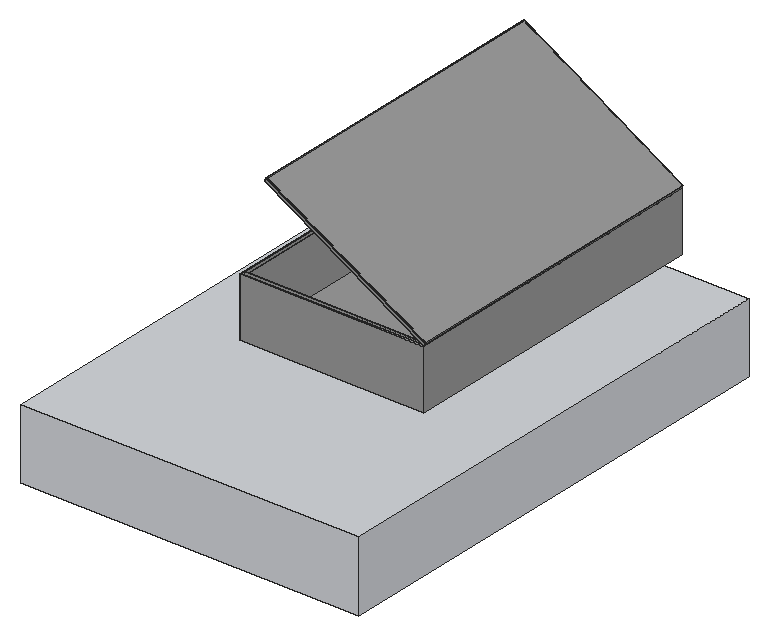
Revit family "Hager-Univers-IP55-D275-H1400-Cl.I-Steel_encl-PT-pt", category Equipement électrique, Revit 2020
Family settings
  Hôte = Face
  Configuration du panneau = Deux colonnes, circuits au sein
  Cote de connecteur circulaire = Utiliser le diamètre
  Type d'élément = Tableau de raccordement
  Couper avec des vides une fois chargée = Non
  Partagée = Non
  Point de calcul de pièce = Non
Parameters (values of type "Montagem em superfície (gesso) IP55 L800 A1400 P275  - FR93E")
  Width Control [instance] = if([EF000008 - Largura] > Min Width, [EF000008 - Largura], Min Width)  # 800 mm
  Commentaires du type = [HG000003 - Gama]  # "Univers"
  Thickness Door [instance] = if([EF009171 - Espessura do material da porta/tampa] > 3 mm, 3 mm, [EF009171 - Espessura do material da porta/tampa])  # 1.5 mm
  Seal Frame Offset [instance] = 17 mm  # constant formula
  Plinth Visibility [instance] = [HG000027 - Altura da Plinta] > 0 mm  # no
  Model = ""
  Min Width [instance] = 100 mm  # constant formula
  Min Height [instance] = 100 mm  # constant formula
  Min Depth [instance] = (2 * [EF009170 - Espessura do material do invólucro]) + 1 mm  # 4 mm
  Internal Frame Depth [instance] = (Door System Depth * 0.5)  # 9 mm
  Height Control [instance] = if([EF000040 - Altura] > Min Height, [EF000040 - Altura], Min Height)  # 1400 mm
  HG000027 - Altura da Plinta = 0 mm
  HG000026 - Instalação no chão = no
  HG000024 - Altura da secção inferior = 800 mm
  HG000023 - Recinto de secção dupla = no
  HG000016 - Visibilidade da porta 3D [instance] = yes
  HG000015 - Visibilidade através da porta [instance] = no
  HG000014 - Porta à direita [instance] = yes
  HG000013 - Porta à esquerda [instance] = not([HG000014 - Porta à direita])  # no
  HG000012 - Ângulo de abertura de porta [instance] = 30.00°
  HG000010 - Portas assimétricas = no
  HG000009 - Porta dupla = no
  HG000006 - Encastrado = no
  HG000004 - Referência do Fabricante = "FR93E"
  HG000003 - Gama = "Univers"
  HG000002 - Com porta ou tampa = yes
  Frame Offset Bottom [instance] = 10 mm  # constant formula
  Frame Offset [instance] = 15 mm  # constant formula
  EF015940 - Tampa com libertação de sobrepressão = no
  EF011959 - Grau de proteção (NEMA) = ""
  EF009554 - Número de aberturas para placas de flange = 6
  Fabricant = "Hager"  # constant formula
  EF009212 - Tipo de tampa = "EV000116 - Fechado"
  EF009171 - Espessura do material da porta/tampa = 1.5 mm
  EF009170 - Espessura do material do invólucro = 1.5 mm
  EF008873 - Corrente nominal (In) = 800 A
  EF007800 - Adequado para proteção contra raios = no
  EF006306 - Com fecho = no
  EF006244 - Tampa/porta transparente = no
  EF005474 - Grau de proteção (IP) = "EV006420 - IP55"
  EF004464 - Tipo de porta = "EV002646 - Único"
  EF004427 - Número de módulos = 324
  EF004293 - Força de impacto = "EV008784 - IK10"
  EF003532 - Adequado para uso no exterior = no
  EF002950 - Largura em número de módulos = 24
  EF001613 - Integridade do circuito = "EV000494 - Nenhum"
  EF001596 - Material do corpo = "EV000179 - Aço"
  EF001131 - Profundidade interior = 275 mm
  EF001088 - Extensão possível = yes
  EF000437 - Número de entradas de condutores = 6
  EF000339 - Tipo de difusor = "EV004216 - Porta"
  EF000266 - Número de linhas = 9
  EF000218 - Profundidade incorporada = 0 mm
  EF000118 - Com tampa de montagem = no
  EF000116 - Número RAL = "7035"
  EF000049 - Profundidade = 275 mm
  EF000040 - Altura = 1400 mm
  EF000008 - Largura = 800 mm
  EF000007 - Cor = "EV000270 - Cinzento"
  EF000003 - Método de montagem = "EV000384 - Montagem em superfície (gesso)"
  Door System Leaf Tolerance [instance] = 1.5 mm  # constant formula
  Door System Depth [instance] = 18 mm  # constant formula
  Door Height [instance] = Height Control - [HG000027 - Altura da Plinta]  # 1400 mm
  Depth Control [instance] = if([EF000049 - Profundidade] > Min Depth, [EF000049 - Profundidade], Min Depth)  # 275 mm
  Default Elevation = 0 mm
  Connector Offset [instance] = Height Control / 2  # 700 mm
  Bottom Top Plate Trim [instance] = 1.5 mm  # constant formula
  Plinth height Ctrl [instance] = if([HG000027 - Altura da Plinta] > 0 mm, [HG000027 - Altura da Plinta], 12 mm)  # 12 mm
Types (3, lengths in mm): name | Width Control | HG000009 - Porta dupla | HG000004 - Referência do Fabricante | EF009554 - Número de aberturas para placas de flange | EF004464 - Tipo de porta | EF004427 - Número de módulos | EF000437 - Número de entradas de condutores | EF000008 - Largura
  Montagem em superfície (gesso) IP55 L1050 A1400 P275  - FR94E | 1050 | yes | "FR94E" | 8 | "EV003602 - Duplo" | 432 | 8 | 1050
  Montagem em superfície (gesso) IP55 L550 A1400 P275  - FR92E | 550 | no | "FR92E" | 4 | "EV002646 - Único" | 216 | 4 | 550
  Montagem em superfície (gesso) IP55 L800 A1400 P275  - FR93E | 800 | no | "FR93E" | 6 | "EV002646 - Único" | 324 | 6 | 800
Reference planes
  plane 1 "Center (Front/Back)": y = 0
  plane 2: z = 0
  plane 3 "Center (Left/Right)": x = 0
  plane 4: z = 275
  plane 5: y = 1.5
  plane 6: y = 700
  plane 7: y = 0
  plane 8: y = 1400
  plane 9: z = 0
  plane 10: x = -385
  plane 11: x = 385
  plane 12: x = 383.5
  plane 13: x = -383.5
  plane 14: y = 1398.5
  plane 15: x = -383
  plane 16: x = -400
  plane 17: x = 383
  plane 18: x = 400
  plane 19: x = 398.5
  plane 20: x = -398.5
  plane 21: y = 11.5
  plane 22: y = 1400
  plane 23: y = 1383.5
  plane 24: z = 257
  plane 25: z = 1.5
  plane 26: z = 255.5
  plane 27: z = 273.5
Forms (mm)
  Extrusion 1, solid
    sketch origin (0, 0, 0) x (1, 0, 0) y (0, 1, 0)
      loop
        line (-702.964, 1305) -> (-702.964, -811.445) -> (766.763, -811.445) -> (766.763, 1305) -> (-702.964, 1305)
    from 0 to -304.8
  Extrusion 2, solid, material "Hager_Steel_RAL7035_Light_Grey", visible <- "Plinth Visibility", detail levels medium+fine
    sketch origin (0, 0, 0) x (1, 0, 0) y (0, 1, 0)
      loop
        line (-400, 0) -> (400, 0) -> (400, 12) -> (-400, 12) -> (-400, 0)
    from 0 to 257
  Extrusion 3, solid, material "Hager_Steel_RAL7035_Light_Grey", detail levels medium+fine
    sketch origin (0, 0, 0) x (1, 0, 0) y (0, 1, 0)
      loop
        line (-400, 0) -> (400, 0) -> (400, 1400) -> (-400, 1400) -> (-400, 0)
    from 0 to 257
  Extrusion 4, void
    sketch origin (0, 0, 0) x (1, 0, 0) y (0, 1, 0)
      loop
        line (-398.5, 1.5) -> (398.5, 1.5) -> (398.5, 1398.5) -> (-398.5, 1398.5) -> (-398.5, 1.5)
    from 1.5 to 255.5
  Extrusion 5, void
    sketch origin (-381.607, -4572, 257) x (0, -1, 0) y (-1, 0, 0)
      loop
        line (-4583.5, 1.893) -> (-5955.5, 1.893) -> (-5955.5, -765.107) -> (-4583.5, -765.107) -> (-4583.5, 1.893)
    from 0 to 1.5 <- "EF009170 - Espessura do material do invólucro"
  Extrusion 6, solid, material "Hager_Steel_RAL7035_Light_Grey", detail levels fine
    sketch origin (0, 0, 257) x (1, 0, 0) y (0, 1, 0)
      loop
        line (-383.5, 1383.5) -> (-383.5, 11.5) -> (383.5, 11.5) -> (383.5, 1383.5) -> (-383.5, 1383.5)
      loop
        line (-385, 10) -> (385, 10) -> (385, 1385) -> (-385, 1385) -> (-385, 10)
    from 0 to 9 <- "Internal Frame Depth"
  Extrusion 7, solid, material "Hager_Steel_RAL7035_Light_Grey", detail levels coarse
    sketch origin (0, 0, 0) x (1, 0, 0) y (0, 1, 0)
      loop
        line (-400, 0) -> (400, 0) -> (400, 1400) -> (-400, 1400) -> (-400, 0)
    from 0 to 275
  Sweep 8, void
    path in 3D
      loop
        line (-400, 12, 0) -> (400, 12, 0) -> (400, 12, 257) -> (-400, 12, 257) -> (-400, 12, 0)
    profile origin (-400, 12, 128.5) x (-1, 0, 0) y (0, -1, 0)
      loop
        line (0, 0) -> (0, 1.5) -> (-1.5, 1.5)
        arc (-1.5, 1.5) -> (-1.061, 0.439) -> (0, 0) r 1.5
Cuts and joins
  Extrusion 4, Extrusion 5 cuts Extrusion 3
  Sweep 8 cuts Extrusion 2
Lines and regions (mm)
  Masking region 1
    outline origin (0, 0, 0) x (1, 0, 0) y (0, 0, 1)
      loop
        line (-400, 275) -> (-400, 0) -> (400, 0) -> (400, 275) -> (-400, 275)
  Masking region 2, detail levels medium+fine
    outline origin (0, 140, 0) x (0, 1, 0) y (0, 0, 1)
      loop
        line (-140, 0) -> (1260, 0) -> (1260, 257) -> (-140, 257) -> (-140, 0)
  Masking region 3, not visible, detail levels medium+fine
    outline origin (0, 297.922, 0) x (0, 1, 0) y (0, 0, 1)
      loop
        line (413.578, 0) -> (453.578, 0) -> (453.578, 263.5)
        arc (453.578, 263.5) -> (450.649, 270.571) -> (443.578, 273.5) r 10
        line (443.578, 273.5) -> (413.578, 273.5) -> (413.578, 0)
  Masking region 4, detail levels coarse
    outline origin (0, 0, 180) x (0, 1, 0) y (0, 0, 1)
      loop
        line (0, -180) -> (1400, -180) -> (1400, 95) -> (0, 95) -> (0, -180)
  Masking region 5, visible <- "Plinth Visibility", detail levels medium+fine
    outline origin (0, 52.24, 12.345) x (0, 0, -1) y (0, 1, 0)
      loop
        line (10.845, -40.24) -> (-243.155, -40.24)
        arc (-243.155, -40.24) -> (-243.594, -41.301) -> (-244.655, -41.74) r 1.5
        line (-244.655, -41.74) -> (-244.655, -52.24) -> (12.345, -52.24) -> (12.345, -41.74)
        arc (12.345, -41.74) -> (11.285, -41.301) -> (10.845, -40.24) r 1.5
  Masking region 6, detail levels medium+fine
    outline origin (-381.607, -4572, 257) x (-1, 0, 0) y (0, -1, 0)
      loop
        line (18.393, -5972) -> (18.393, -4572) -> (-781.607, -4572) -> (-781.607, -5972) -> (18.393, -5972)
  Masking region 7, visible <- "Plinth Visibility", detail levels medium+fine
    outline origin (-381.607, -4727, 257) x (-1, 0, 0) y (0, -1, 0)
      loop
        arc (16.893, -4739) -> (17.332, -4737.939) -> (18.393, -4737.5) r 1.5
        line (18.393, -4737.5) -> (18.393, -4727) -> (-781.607, -4727) -> (-781.607, -4737.5)
        arc (-781.607, -4737.5) -> (-780.546, -4737.939) -> (-780.107, -4739) r 1.5
        line (-780.107, -4739) -> (16.893, -4739)
  Masking region 8, detail levels coarse
    outline origin (-442.548, -4669.526, 257) x (-1, 0, 0) y (0, -1, 0)
      loop
        line (-42.548, -6069.526) -> (-42.548, -4669.526) -> (-842.548, -4669.526) -> (-842.548, -6069.526) -> (-42.548, -6069.526)
  sketch lines
    curve 1: line (-400, 12, 257) -> (-400, 12, 0)
    curve 2: line (400, 12, 257) -> (-400, 12, 257)
    curve 3: line (400, 12, 257) -> (400, 12, 0)
    curve 4: line (-400, 12, 0) -> (400, 12, 0)
Dimensions and locks
  "Depth Control": plane 4 to Extrusion 1
  "HG000027 - Altura da Plinta": plane 1 "Center (Front/Back)" to plane 7
  "EF009170 - Espessura do material do invólucro": plane 5 to plane 7
  locked: connector elem to plane 3 "Center (Left/Right)"
  equal spacing: plane 8, plane 6, plane 7
  locked: connector elem to plane 6
  "EF009170 - Espessura do material do invólucro": plane 8 to plane 14
  "EF009170 - Espessura do material do invólucro": plane 10 to plane 13
  "EF009170 - Espessura do material do invólucro": plane 12 to plane 11
  "Frame Offset": plane 20 to plane 13
  "Frame Offset": plane 12 to plane 19
  "EF009170 - Espessura do material do invólucro": plane 16 to plane 20
  "EF009170 - Espessura do material do invólucro": plane 19 to plane 18
  "Seal Frame Offset": plane 16 to plane 15
  "Seal Frame Offset": plane 17 to plane 18
  "Frame Offset Bottom": plane 21 to plane 5
  "Frame Offset": plane 14 to plane 23
  equal spacing: plane 16, plane 3 "Center (Left/Right)", plane 18
  "Width Control": plane 16 to plane 18
  "EF009170 - Espessura do material do invólucro": plane 4 to plane 27
  "EF009170 - Espessura do material do invólucro": plane 24 to plane 26
  "EF009170 - Espessura do material do invólucro": plane 25 to level
  "Door System Depth": plane 4 to plane 24
  "Height Control": plane 1 "Center (Front/Back)" to Extrusion 7 sketch curve
  "Height Control": Masking region 4 sketch curve to plane 1 "Center (Front/Back)"
  "Height Control": plane 1 "Center (Front/Back)" to plane 22
  "Bottom Top Plate Trim": profile plane to Sweep 8 sketch curve
  "Bottom Top Plate Trim": Sweep 8 sketch curve to profile plane
  "Plinth height Ctrl": plane 1 "Center (Front/Back)" to Extrusion 2 sketch curve
  "Plinth height Ctrl": Masking region 5 sketch curve to plane 1 "Center (Front/Back)"
  "Plinth height Ctrl": plane 1 "Center (Front/Back)" to Masking region 7 sketch curve
  "Thickness Door": Extrusion 6 sketch curve to Extrusion 6 sketch curve  (x3)
  "Thickness Door": cut or joined group of Extrusion 3, Extrusion 4, Extrusion 5 to Extrusion 6 sketch curve
  radius of Masking region 3 sketch curve = 10 mm
  "Bottom Top Plate Trim": radius of Masking region 5 sketch curve  (x2)
  "Bottom Top Plate Trim": radius of Sweep 8 sketch curve
  "Bottom Top Plate Trim": radius of Masking region 7 sketch curve  (x2)
  aligned and locked: plane 2 to Extrusion 1
  aligned and locked: level to Extrusion 1
  aligned and locked: level to Masking region 1 sketch curve
  aligned and locked: Masking region 1 sketch curve to plane 18
  aligned and locked: Masking region 1 sketch curve to plane 16
  aligned and locked: plane 7 to Masking region 2 sketch curve
  aligned and locked: level to Masking region 3 sketch curve
  aligned and locked: Masking region 3 sketch curve to plane 27
  aligned and locked: level to Masking region 2 sketch curve
  aligned and locked: plane 1 "Center (Front/Back)" to Extrusion 2 sketch curve
  aligned and locked: Extrusion 3 sketch curve to plane 7
  aligned and locked: plane 16 to Extrusion 3 sketch curve
  aligned and locked: plane 18 to Extrusion 3 sketch curve
  aligned and locked: plane 20 to Extrusion 4 sketch curve
  aligned and locked: plane 19 to Extrusion 4 sketch curve
  aligned and locked: Extrusion 4 sketch curve to plane 5
  aligned and locked: Extrusion 4 to plane 25
  aligned and locked: plane 26 to Extrusion 4
  aligned and locked: plane 24 to Extrusion 3
  aligned and locked: Extrusion 5 sketch curve to plane 21
  aligned and locked: Extrusion 5 sketch curve to plane 13
  aligned and locked: Extrusion 5 sketch curve to plane 12
  aligned and locked: plane 18 to Extrusion 7 sketch curve
  aligned and locked: plane 1 "Center (Front/Back)" to Extrusion 7 sketch curve
  aligned and locked: plane 16 to Extrusion 7 sketch curve
  aligned and locked: plane 4 to Extrusion 7
  aligned and locked: Extrusion 7 to level
  aligned and locked: level to Masking region 4 sketch curve
  aligned and locked: Masking region 4 sketch curve to plane 1 "Center (Front/Back)"
  aligned and locked: Masking region 4 sketch curve to plane 4
  aligned and locked: nested 1 to level
  aligned and locked: nested 1 to plane 16
  aligned and locked: plane 8 to Extrusion 3 sketch curve
  aligned and locked: plane 23 to Extrusion 5 sketch curve
  aligned and locked: plane 14 to Extrusion 4 sketch curve
  aligned and locked: Masking region 2 sketch curve to plane 8
  aligned and locked: level to Masking region 5 sketch curve
  aligned and locked: plane 16 to Extrusion 2 sketch curve
  aligned and locked: plane 18 to Extrusion 2 sketch curve
  aligned and locked: Masking region 5 sketch curve to plane 24
  aligned and locked: Masking region 2 sketch curve to plane 24
  aligned and locked: plane 24 to Extrusion 2
  aligned and locked: profile plane to Sweep 8 sketch curve  (x2)
  aligned and locked: Masking region 6 sketch curve to plane 18
  aligned and locked: Masking region 6 sketch curve to plane 22
  aligned and locked: Masking region 6 sketch curve to plane 16
  aligned and locked: plane 8 to plane 22
  aligned and locked: Masking region 6 sketch curve to plane 7
  aligned and locked: Masking region 7 sketch curve to plane 16
  aligned and locked: Masking region 7 sketch curve to plane 1 "Center (Front/Back)"
  aligned and locked: Masking region 7 sketch curve to plane 18
  aligned and locked: Masking region 8 sketch curve to plane 1 "Center (Front/Back)"
  aligned and locked: Masking region 8 sketch curve to plane 18
  aligned and locked: Masking region 8 sketch curve to plane 22
  aligned and locked: Masking region 8 sketch curve to plane 16
  aligned and locked: nested 2 to plane 7
  aligned and locked: plane 3 "Center (Left/Right)" to nested 2
  aligned and locked: nested 2 to plane 24
  aligned and locked: Extrusion 6 sketch curve to cut or joined group of Extrusion 3, Extrusion 4, Extrusion 5  (x4)
Automatic sketch dimensions
  Extrusion 1 sketch curve to Extrusion 1 sketch curve = 1469.727 mm
  Extrusion 1 sketch curve to Extrusion 1 sketch curve = 2116.445 mm
  Masking region 1 sketch curve to plane 4 = 0 mm
  plane 6 to Masking region 3 sketch curve = 11.5 mm
  Masking region 3 sketch curve to Masking region 3 sketch curve = 30 mm
  Masking region 5 sketch curve to plane 1 "Center (Front/Back)" = 0 mm
Nested families
  nested 1: "Hager_Enclosure_Symbol" at (-400, 0, 0) x (1, 0, 0) z (0, -1, 0), Height <- "Depth Control", Width <- "Width Control", type "Hager_Enclosure_Symbol"
    with Width_Ctrl 800 mm, Width 800 mm, Height_Ctrl 275 mm, Height 275 mm, A_Width_Int 18.047 mm, A_Width 216.562 mm, A_Height_Ctrl 240.625 mm, A_Height 240.625 mm
  nested 2: "EC000058_Univers_Door" at (0, 0, 257) x (1, 0, 0) z (0, 1, 0), Leaf_Tolerance <- "Door System Leaf Tolerance", Angle <- "HG000012 - Ângulo de abertura de porta", Door_Depth <- "Door System Depth", Door_Left <- "HG000013 - Porta à esquerda", Transparent <- "EF006244 - Tampa/porta transparente", Assymetrical <- "HG000010 - Portas assimétricas", Width <- "Width Control", Clearance <- "HG000015 - Visibilidade através da porta", Double <- "HG000009 - Porta dupla", 3d_Door <- "HG000016 - Visibilidade da porta 3D", Lock_Visibility <- "EF006306 - Com fecho", Width_Ctrl <- "Width Control", Door_Right <- "HG000014 - Porta à direita", Door <- "HG000002 - Com porta ou tampa", Height <- "Door Height", Thickness <- "Thickness Door", type "EC000058_Univers_Door", detail levels medium+fine
    with min_wh 4 mm, Width_Ctrl 800 mm, Width 800 mm, Transparent no, Thickness 1.5 mm, Seal_Material Hager_Rubber, Lock_Visibility no, Lock_Material Hager_Plastic_RAL9005_Jet_Black, Leaf_Width 800 mm, Leaf_Tolerance_External_Sides 0 mm, Leaf_Tolerance 1.5 mm, Leaf_Offset 0 mm, Leaf_Height 1397 mm, Leaf_2_Width 800 mm, Leaf_2_Offset 400 mm, Leaf_1_Width 800 mm, Leaf_1_Offset 400 mm, Height_Ctrl 1400 mm, Height 1400 mm, Glass_Material Hager_Glass, Double_Clearance_Ctrl no, Double no, Door_Right_Ctrl yes, Door_Right yes, Door_Material Hager_Steel_RAL7035_Light_Grey, Door_Left_Ctrl no, Door_Left no, Door_Depth 18 mm, Door yes, Clearance_Material Hager_Clearance, Clearance_Depth 800 mm, Clearance_Ctrl no, Clearance no, Assymetrical no, Angle 30.00°, 3d_Door yes
Connectors
  electrical at (0, 700, 0)
    settings: on plane 9, index 1, voltage 0 V, apparent load 0 VA, apparent load phase1 0 VA, apparent load phase2 0 VA, apparent load phase3 0 VA, power factor 1, load classification "Other", number of poles 1, system type 30, power factor state 1, is connector primary yes, connector utility no, sub classification motor no, connector description ""
Definition of nested family "EC000058_Univers_Door"
  Parameters (values of type "EC000058_Univers_Door")
    min_wh [instance] = (2 * Thickness) + 1 mm  # 11 mm
    Width_Ctrl [instance] = 400 mm
    Width [instance] = 500 mm
    Transparent [instance] = yes
    Thickness [instance] = 5 mm
    Seal_Material [instance] = none
    Lock_Visibility [instance] = yes
    Lock_Material [instance] = none
    Leaf_Width [instance] = if((Width_Ctrl - 2 * Leaf_Tolerance_External_Sides) > 0 mm, (Width_Ctrl - 2 * Leaf_Tolerance_External_Sides), min_wh)  # 400 mm
    Leaf_Tolerance_External_Sides [instance] = 0 mm  # constant formula
    Leaf_Tolerance [instance] = 1.5 mm
    Leaf_Offset [instance] = 0 mm  # constant formula
    Leaf_Height [instance] = if((Height_Ctrl - 2 * Leaf_Tolerance) > 0 mm, (Height_Ctrl - 2 * Leaf_Tolerance), min_wh)  # 497 mm
    Leaf_2_Width [instance] = if(and(and(Double, Assymetrical), Door_Left), (Leaf_Width / 3) - (Leaf_Tolerance / 2), if(and(and(Double, Assymetrical), Door_Right), (Leaf_Width / 3) * 2 - (Leaf_Tolerance / 2), if(and(Double, not(Assymetrical)), (Leaf_Width / 2) - Leaf_Tolerance, Leaf_Width)))  # 400 mm
    Leaf_2_Offset [instance] = if(and(Double, Assymetrical), Leaf_2_Width / 2, if(and(Double, not(Assymetrical)), Leaf_Width / 4, Leaf_Width / 2))  # 200 mm
    Leaf_1_Width [instance] = if(and(and(Double, Assymetrical), Door_Right), (Leaf_Width / 3) - (Leaf_Tolerance / 2), if(and(and(Double, Assymetrical), Door_Left), (Width / 3) * 2 - (Leaf_Tolerance / 2), if(and(Double, not(Assymetrical)), (Leaf_Width / 2) - Leaf_Tolerance, Leaf_Width)))  # 400 mm
    Leaf_1_Offset [instance] = if(and(Double, Assymetrical), Leaf_1_Width / 2, if(and(Double, not(Assymetrical)), Leaf_Width / 4, Leaf_Width / 2))  # 200 mm
    Height_Ctrl [instance] = if(Height > min_wh, Height, min_wh)  # 500 mm
    Height [instance] = 500 mm
    Glass_Material [instance] = none
    Double_Clearance_Ctrl [instance] = and(Double, Clearance)  # no
    Double [instance] = no
    Door_Right_Ctrl [instance] = and(or(Door_Right, Double), Door)  # yes
    Door_Right [instance] = yes
    Door_Material [instance] = none
    Door_Left_Ctrl [instance] = and(or(Door_Left, Double), Door)  # no
    Door_Left [instance] = no
    Door_Depth [instance] = 30 mm
    Door [instance] = yes
    Default Elevation = 1219.2 mm
    Clearance_Material [instance] = none
    Clearance_Depth [instance] = if(Leaf_1_Width > Leaf_2_Width, Leaf_1_Width, Leaf_2_Width)  # 400 mm
    Clearance_Ctrl [instance] = and(not(Double), Clearance)  # yes
    Clearance [instance] = yes
    Assymetrical [instance] = yes
    Angle [instance] = 30.00°
    3d_Door [instance] = yes
  Reference planes
    plane 1 "Center (Front/Back)": y = 0
    plane 2 "Bottom": z = 0
    plane 3 "Center (Left/Right)": x = 0
    plane 4: z = 500
    plane 5: x = -200
    plane 6: x = 200
    plane 7: z = 500
    plane 8: x = -200
    plane 9: z = 0
    plane 10: x = 200
    plane 11: y = 0
    plane 12: z = 1.5
    plane 13: x = -600
    plane 14: y = -400
    plane 15: x = 600
    plane 16: x = 0
    plane 17: x = 0
    plane 18: x = -200
    plane 19: x = 200
    plane 20: z = 498.5
  Forms (mm)
    Extrusion 1, solid, material <- "Clearance_Material", visible <- "Double_Clearance_Ctrl"
      sketch origin (1200, 0, 0) x (1, 0, 0) y (0, 0, -1)
        loop
          line (-1800, -498.5) -> (-600, -498.5) -> (-600, 0) -> (-1800, 0) -> (-1800, -498.5)
      from 0 to -400
  Dimensions and locks
    equal spacing: plane 5, plane 3 "Center (Left/Right)", plane 6
    "Width_Ctrl": plane 5 to plane 6
    "Leaf_Offset": plane 5 to plane 8
    "Leaf_Offset": plane 6 to plane 10
    "Leaf_Offset": plane 9 to level
    "Leaf_Offset": plane 4 to plane 7
    "Height_Ctrl": plane 4 to level
    "Leaf_Tolerance": plane 12 to plane 9
    locked: plane 11 to plane 1 "Center (Front/Back)"
    "Leaf_1_Offset": plane 18 to plane 16
    "Leaf_2_Offset": plane 17 to plane 19
    "Leaf_1_Width": plane 13 to plane 8
    "Leaf_2_Width": plane 10 to plane 15
    "Clearance_Depth": plane 14 to plane 1 "Center (Front/Back)"
    "Leaf_Tolerance_External_Sides": plane 8 to plane 18
    "Leaf_Tolerance_External_Sides": plane 19 to plane 10
    "Leaf_Tolerance": plane 7 to plane 20
    aligned and locked: level to plane 2 "Bottom"
    aligned and locked: nested 1 to plane 16
    aligned and locked: nested 2 to plane 17
    aligned and locked: Extrusion 1 to plane 13
    aligned and locked: plane 15 to Extrusion 1
    aligned and locked: Extrusion 1 to plane 14
    aligned and locked: plane 12 to nested 1
    aligned and locked: nested 2 to plane 12
    aligned and locked: Extrusion 1 to plane 11
    aligned and locked: plane 20 to Extrusion 1
    aligned and locked: nested 2 to plane 11
    aligned and locked: nested 1 to plane 11
  Automatic sketch dimensions
    Extrusion 1 sketch curve to level = 0 mm
    plane 5 to Extrusion 1 sketch curve = 400 mm
    plane 6 to Extrusion 1 sketch curve = 400 mm
    Extrusion 1 sketch curve to plane 4 = 1.5 mm
  Nested families
    nested 1: "EC000058_Univers_Door_Leaf" at (0, 0, 1.5), Width <- "Leaf_1_Width", visible <- "Door_Left_Ctrl", Leaf_Height <- "Leaf_Height", Angle <- "Angle", 3d_Door <- "3d_Door", Transparent <- "Transparent", Clearance Material <- "Clearance_Material", Clearance <- "Clearance_Ctrl", Door_Material <- "Door_Material", Glass_Material <- "Glass_Material", Door_Depth <- "Door_Depth", Lock_Material <- "Lock_Material", Seal_Material <- "Seal_Material", Lock_Visibility <- "Lock_Visibility", Thickness <- "Thickness", type "EC000058_Univers_Door_Leaf"
      with Width 400 mm, Transparent_Glass_Offset 30 mm, Transparent_Ctrl yes, Transparent yes, Thickness 5 mm, Standard no, Seal_Material none, Seal_D2 8 mm, Seal_D1 1 mm, Offset_Internal_Frame 10 mm, Lock_Width 20 mm, Lock_Visibility_3d yes, Lock_Visibility yes, Lock_Thickness_3 3 mm, Lock_Thickness_2 1 mm, Lock_Thickness_1 3 mm, Lock_Radius_Offset_2 16 mm, Lock_Radius_Offset_1 15 mm, Lock_Radius_2 5 mm, Lock_Radius 6 mm, Lock_Offset 5 mm, Lock_Material none, Lock_Height 80 mm, Lock_Cover_Top_Offset_2d 17 mm, Lock_Cover_Height -65 mm, Leaf_Height 497 mm, Internal_Seal_Thickness 8 mm, Internal_Seal_Depth_2 4.5 mm, Internal_Frame_Depth 25 mm, Glass_Thickness -1 mm, Glass_Offset -2 mm, Glass_Material none, Door_Material none, Door_Depth 30 mm, Clearance Material none, Clearance yes, Angle_Ctrl 30.00°, Angle 30.00°, 3d_Door yes
    nested 2: "EC000058_Univers_Door_Leaf" at (0, 0, 1.5) x (-1, 0, 0) z (0, 0, 1), Width <- "Leaf_2_Width", visible <- "Door_Right_Ctrl", Leaf_Height <- "Leaf_Height", Angle <- "Angle", 3d_Door <- "3d_Door", Transparent <- "Transparent", Clearance Material <- "Clearance_Material", Clearance <- "Clearance_Ctrl", Door_Material <- "Door_Material", Glass_Material <- "Glass_Material", Door_Depth <- "Door_Depth", Lock_Material <- "Lock_Material", Seal_Material <- "Seal_Material", Lock_Visibility <- "Lock_Visibility", Thickness <- "Thickness", type "EC000058_Univers_Door_Leaf"
      with Width 400 mm, Transparent_Glass_Offset 30 mm, Transparent_Ctrl yes, Transparent yes, Thickness 5 mm, Standard no, Seal_Material none, Seal_D2 8 mm, Seal_D1 1 mm, Offset_Internal_Frame 10 mm, Lock_Width 20 mm, Lock_Visibility_3d yes, Lock_Visibility yes, Lock_Thickness_3 3 mm, Lock_Thickness_2 1 mm, Lock_Thickness_1 3 mm, Lock_Radius_Offset_2 16 mm, Lock_Radius_Offset_1 15 mm, Lock_Radius_2 5 mm, Lock_Radius 6 mm, Lock_Offset 5 mm, Lock_Material none, Lock_Height 80 mm, Lock_Cover_Top_Offset_2d 17 mm, Lock_Cover_Height -65 mm, Leaf_Height 497 mm, Internal_Seal_Thickness 8 mm, Internal_Seal_Depth_2 4.5 mm, Internal_Frame_Depth 25 mm, Glass_Thickness -1 mm, Glass_Offset -2 mm, Glass_Material none, Door_Material none, Door_Depth 30 mm, Clearance Material none, Clearance yes, Angle_Ctrl 30.00°, Angle 30.00°, 3d_Door yes
  Definition of nested family "EC000058_Univers_Door_Leaf"
    Parameters (values of type "EC000058_Univers_Door_Leaf")
      Width [instance] = 2000 mm
      Transparent_Glass_Offset [instance] = 30 mm
      Transparent_Ctrl [instance] = and(Transparent, [3d_Door])  # yes
      Transparent [instance] = yes
      Thickness [instance] = 5 mm
      Standard [instance] = and(not(Transparent), [3d_Door])  # no
      Seal_Material [instance] = none
      Seal_D2 [instance] = 8 mm  # constant formula
      Seal_D1 [instance] = 1 mm  # constant formula
      Offset_Internal_Frame [instance] = 10 mm  # constant formula
      Lock_Width [instance] = 20 mm  # constant formula
      Lock_Visibility_3d [instance] = and(Lock_Visibility, [3d_Door])  # yes
      Lock_Visibility [instance] = yes
      Lock_Thickness_3 [instance] = 3 mm  # constant formula
      Lock_Thickness_2 [instance] = 1 mm  # constant formula
      Lock_Thickness_1 [instance] = 3 mm  # constant formula
      Lock_Radius_Offset_2 [instance] = Lock_Radius_Offset_1 + 1 mm  # 16 mm
      Lock_Radius_Offset_1 [instance] = 15 mm  # constant formula
      Lock_Radius_2 [instance] = Lock_Radius - 1 mm  # 5 mm
      Lock_Radius [instance] = 6 mm  # constant formula
      Lock_Offset [instance] = 5 mm  # constant formula
      Lock_Material [instance] = none
      Lock_Height [instance] = 80 mm  # constant formula
      Lock_Cover_Top_Offset_2d [instance] = Lock_Radius_Offset_2 + 1 mm  # 17 mm
      Lock_Cover_Height [instance] = -(Lock_Height - Lock_Radius_Offset_1)  # -65 mm
      Leaf_Height [instance] = 2720.336 mm
      Internal_Seal_Thickness [instance] = 8 mm  # constant formula
      Internal_Seal_Depth_2 [instance] = 4.5 mm  # constant formula
      Internal_Frame_Depth [instance] = if(Door_Depth - Thickness > 5 mm, Door_Depth - Thickness, 5 mm)  # 25 mm
      Glass_Thickness [instance] = if(Thickness > 15 mm, Glass_Offset + 10 mm, -1 mm)  # -1 mm
      Glass_Offset [instance] = if(Thickness > 15 mm, -(Thickness + 10 mm) / 2, -2 mm)  # -2 mm
      Glass_Material [instance] = none
      Door_Material [instance] = none
      Door_Depth [instance] = 30 mm
      Default Elevation = 0 mm
      Clearance Material [instance] = none
      Clearance [instance] = yes
      Angle_Ctrl [instance] = if(Angle > 180.00°, 180.00°, Angle)  # 90.00°
      Angle [instance] = 90.00°
      3d_Door [instance] = yes
    Reference planes
      plane 1 "Center (Front/Back)": y = 0
      plane 2: z = 0
      plane 3 "Center (Left/Right)": x = 0
      plane 4: y = 2000
      plane 5: x = -1000
      plane 6: x = 1000
      plane 7: x = -3000
      plane 8: z = 2720.336
      plane 9: z = 30
      plane 10: z = 2690.336
      plane 11: x = 970
      plane 12: x = -970
      plane 13: y = -3
      plane 14: z = 107.833
      plane 15: y = -5
      plane 16: y = -223.314
      plane 17: x = -1000
      plane 18: z = 1360.168
      plane 19: y = 30
    Forms (mm)
      Extrusion 1, solid, material <- "Clearance Material", visible <- "Clearance"
        sketch origin (0, 0, 0) x (1, 0, 0) y (0, 0, 1)
          loop
            line (-3000, 2720.336) -> (-3000, 0) -> (1000, 0) -> (1000, 2720.336) -> (-3000, 2720.336)
        from 0 to -2000
      Extrusion 2, solid, material <- "Door_Material", visible <- "Standard", detail levels medium+fine
        sketch origin (-1000, 0, 0) x (0, 1, 0) y (-1, 0, 0)
          loop
            line (0, 30) -> (0, 25) -> (2000, 25) -> (2000, 30) -> (0, 30)
        from 0 to 2720.336 <- "Leaf_Height"
      Extrusion 3, solid, material <- "Door_Material", visible <- "Transparent_Ctrl", detail levels medium+fine
        sketch origin (-1000, 0, 0) x (0, 1, 0) y (-1, 0, 0)
          loop
            line (0, 25) -> (2000, 25) -> (2000, 30) -> (0, 30) -> (0, 25)
        from 0 to 2720.336 <- "Leaf_Height"
      Extrusion 4, void
        sketch origin (-1025, 2000, 0) x (0, 1, 0) y (0, 0, -1)
          loop
            line (-30, -2690.336) -> (-30, -30) -> (-1970, -30) -> (-1970, -2690.336) -> (-30, -2690.336)
        from 0 to 5 <- "Thickness"
      Sweep 5, solid, material <- "Seal_Material", visible <- "Transparent_Ctrl", detail levels fine
        path in 3D
          loop
            line (-1025, 30, 30) -> (-1025, 30, 2690.336) -> (-1025, 1970, 2690.336) -> (-1025, 1970, 30) -> (-1025, 30, 30)
        profile origin (-1025, 1000, 30) x (1, 0, 0) y (0, 0, 1)
          loop
            line (0, 0) -> (0, -8) -> (1, -8) -> (1, 0) -> (0, 0)
      Extrusion 6, solid, material <- "Glass_Material", visible <- "Transparent_Ctrl", detail levels medium+fine
        sketch origin (-1030, 0, 0) x (0, 1, 0) y (0, 0, -1)
          loop
            line (1970, -2690.336) -> (1970, -30) -> (30, -30) -> (30, -2690.336) -> (1970, -2690.336)
        from -2 <- "Glass_Offset" to -1 <- "Glass_Thickness"
      Extrusion 7, solid, material <- "Door_Material", visible <- "3d_Door", detail levels medium+fine
        sketch origin (-1025, 2000, 0) x (0, -1, 0) y (0, 0, -1)
          loop
            line (0, -2720.336) -> (2000, -2720.336) -> (2000, 0) -> (0, 0) -> (0, -2720.336)
          loop
            line (1995, -5) -> (5, -5) -> (5, -2715.336) -> (1995, -2715.336) -> (1995, -5)
        from 0 to 25 <- "Internal_Frame_Depth"
      Sweep 8, solid, material <- "Seal_Material", visible <- "Transparent_Ctrl", detail levels fine
        path in 3D
          loop
            line (-1025, 0, 0) -> (-1025, 2000, 0) -> (-1025, 2000, 2720.336) -> (-1025, 0, 2720.336) -> (-1025, 0, 0)
        profile origin (-1025, 0, 1360.168) x (1, 0, 0) y (0, 1, 0)
          loop
            line (0, 10) -> (2.975, 10)
            arc (2.975, 10) -> (4.053, 10.447) -> (4.5, 11.525) r 1.525
            line (4.5, 11.525) -> (4.5, 16.527)
            arc (4.5, 16.527) -> (4.069, 17.569) -> (3.027, 18) r 1.473
            line (3.027, 18) -> (0, 18) -> (0, 10)
      Extrusion 9, solid, material <- "Lock_Material", visible <- "Lock_Visibility_3d", detail levels fine
        sketch origin (-1030, 0, 0) x (0, 1, 0) y (0, 0, -1)
          loop
            arc (1993.5, -1400.168) -> (1994.561, -1399.729) -> (1995, -1398.668) r 1.5
            line (1995, -1398.668) -> (1995, -1320.168) -> (1975, -1320.168) -> (1975, -1398.668)
            arc (1975, -1398.668) -> (1975.439, -1399.729) -> (1976.5, -1400.168) r 1.5
            line (1976.5, -1400.168) -> (1993.5, -1400.168)
        from 3 <- "Lock_Thickness_1" to 0
      Blend 10, solid, material <- "Lock_Material", visible <- "Lock_Visibility_3d", detail levels fine
        base sketch origin (-1033, 0, 0) x (0, 1, 0) y (0, 0, -1)
          loop
            line (1975, -1320.168) -> (1975, -1398.668)
            arc (1975, -1398.668) -> (1975.439, -1399.729) -> (1976.5, -1400.168) r 1.5
            line (1976.5, -1400.168) -> (1993.5, -1400.168)
            arc (1993.5, -1400.168) -> (1994.561, -1399.729) -> (1995, -1398.668) r 1.5
            line (1995, -1398.668) -> (1995, -1320.168) -> (1975, -1320.168)
        top sketch origin (-1033, 0, 0) x (0, 1, 0) y (0, 0, -1)
          loop
            line (1976, -1320.168) -> (1976, -1398.668)
            arc (1976, -1398.668) -> (1976.146, -1399.022) -> (1976.5, -1399.168) r 0.5
            line (1976.5, -1399.168) -> (1993.5, -1399.168)
            arc (1993.5, -1399.168) -> (1993.854, -1399.022) -> (1994, -1398.668) r 0.5
            line (1994, -1398.668) -> (1994, -1320.168) -> (1976, -1320.168)
        from 0 to 1 <- "Lock_Thickness_2"
      Blend 11, solid, material <- "Lock_Material", visible <- "Lock_Visibility_3d", detail levels fine
        base sketch origin (-1034, 0, 0) x (0, 1, 0) y (0, 0, -1)
          loop
            line (1978, -1320.168) -> (1978, -1384.168)
            arc (1978, -1384.168) -> (1985, -1391.168) -> (1992, -1384.168) r 7
            line (1992, -1384.168) -> (1992, -1320.168) -> (1978, -1320.168)
        top sketch origin (-1034, 0, 0) x (0, 1, 0) y (0, 0, -1)
          loop
            line (1991, -1320.168) -> (1979, -1320.168) -> (1979, -1383.168)
            arc (1979, -1383.168) -> (1985, -1389.168) -> (1991, -1383.168) r 6
            line (1991, -1383.168) -> (1991, -1320.168)
        from 0 to 3 <- "Lock_Thickness_3"
      Extrusion 12, solid, material <- "Lock_Material", visible <- "Lock_Visibility_3d", detail levels fine
        sketch origin (-1030, 1975, 1320.168) x (1, 0, 0) y (0, -1, 0)
          loop
            line (-7, -19) -> (-7, -1) -> (0, -1) -> (0, 0) -> (-8, 0) -> (-8, -20) -> (0, -20) -> (0, -19) -> (-7, -19)
        from 0 to -65 <- "Lock_Cover_Height"
      Extrusion 13, void
        sketch origin (-1038, 1995, 1320.168) x (-1, 0, 0) y (0, 0, -1)
          loop
            line (-5, -65) -> (0, -65) -> (-5, -60) -> (-5, -65)
        from 0 to 20 <- "Lock_Width"
      Extrusion 14, void
        sketch origin (-1038, 1975, 1320.168) x (0, -1, 0) y (0, 0, -1)
          loop
            circle (-10, -15.995) r 6
          loop
            circle (-10, -15.995) r 5
        from 0 to 2
      Extrusion 15, solid, material <- "Lock_Material", visible <- "Lock_Visibility_3d", detail levels medium
        sketch origin (-1030, 0, 0) x (0, 1, 0) y (0, 0, -1)
          loop
            arc (1993.5, -1400.168) -> (1994.561, -1399.729) -> (1995, -1398.668) r 1.5
            line (1995, -1398.668) -> (1995, -1320.168) -> (1975, -1320.168) -> (1975, -1398.668)
            arc (1975, -1398.668) -> (1975.439, -1399.729) -> (1976.5, -1400.168) r 1.5
            line (1976.5, -1400.168) -> (1993.5, -1400.168)
        from 8 to 0
    Cuts and joins
      Extrusion 4 cuts Extrusion 3
      Extrusion 13, Extrusion 14 cuts Extrusion 9
      Extrusion 14 cuts Blend 11
      Extrusion 13, Extrusion 14 cuts Extrusion 12
      joined: Extrusion 9, Blend 10, Blend 11, Extrusion 12
      Extrusion 14 cuts Extrusion 15
    Lines and regions (mm)
      Masking region 1, visible <- "Lock_Visibility", detail levels fine
        outline origin (0, 0, 0) x (0, 1, 0) y (0, 0, 1)
          loop
            line (30, 1320.168) -> (33, 1320.168) -> (33, 1400.168) -> (30, 1400.168) -> (30, 1320.168)
      Masking region 2, visible <- "Lock_Visibility", detail levels fine
        outline origin (0, 3.143, 0) x (0, 1, 0) y (0, 0, 1)
          loop
            line (29.857, 1354.168) -> (30.857, 1354.168) -> (30.857, 1366.168) -> (29.857, 1366.168) -> (29.857, 1354.168)
      Masking region 3, detail levels medium+fine
        outline origin (0, 0, 0) x (0, 1, 0) y (0, 0, 1)
          loop
            line (0, 0) -> (30, 0) -> (30, 2720.336) -> (0, 2720.336) -> (0, 0)
      Masking region 4, detail levels medium+fine
        outline origin (0, 0, 0) x (1, 0, 0) y (0, 0, 1)
          loop
            line (-1000, 2720.336) -> (-1000, 0) -> (1000, 0) -> (1000, 2720.336) -> (-1000, 2720.336)
      Masking region 5, visible <- "Lock_Visibility", detail levels fine
        outline origin (-47.116, 0, 0) x (1, 0, 0) y (0, 0, 1)
          loop
            arc (1024.616, 1399.168) -> (1023.556, 1398.729) -> (1023.116, 1397.668) r 1.5
            line (1023.116, 1397.668) -> (1023.116, 1320.168) -> (1041.116, 1320.168) -> (1041.116, 1397.668)
            arc (1041.116, 1397.668) -> (1040.677, 1398.729) -> (1039.616, 1399.168) r 1.5
            line (1039.616, 1399.168) -> (1024.616, 1399.168)
      Masking region 6, visible <- "Lock_Visibility", detail levels medium+fine
        outline origin (-25, 0, 0) x (1, 0, 0) y (0, 0, 1)
          loop
            arc (1001.5, 1400.168) -> (1000.439, 1399.729) -> (1000, 1398.668) r 1.5
            line (1000, 1398.668) -> (1000, 1320.168) -> (1020, 1320.168) -> (1020, 1398.668)
            arc (1020, 1398.668) -> (1019.561, 1399.729) -> (1018.5, 1400.168) r 1.5
            line (1018.5, 1400.168) -> (1001.5, 1400.168)
      Masking region 7, visible <- "Lock_Visibility", detail levels fine
        outline origin (-73.735, 0, 0) x (1, 0, 0) y (0, 0, 1)
          loop
            line (1051.735, 1382.168) -> (1065.735, 1382.168) -> (1065.735, 1384.168)
            arc (1065.735, 1384.168) -> (1058.735, 1391.168) -> (1051.735, 1384.168) r 7
            line (1051.735, 1384.168) -> (1051.735, 1382.168)
      Masking region 8, visible <- "Lock_Visibility", detail levels fine
        outline origin (-73.735, 0, 0) x (1, 0, 0) y (0, 0, 1)
          loop
            line (1052.735, 1382.168) -> (1064.735, 1382.168) -> (1064.735, 1383.168)
            arc (1064.735, 1383.168) -> (1058.735, 1389.168) -> (1052.735, 1383.168) r 6
            line (1052.735, 1383.168) -> (1052.735, 1382.168)
      Masking region 9, visible <- "Lock_Visibility", detail levels fine
        outline origin (-25, 0, 0) x (1, 0, 0) y (0, 0, 1)
          loop
            line (1020, 1320.168) -> (1020, 1382.168) -> (1000, 1382.168) -> (1000, 1320.168) -> (1020, 1320.168)
      Masking region 10, detail levels medium+fine
        outline origin (0, 0, 0) x (1, 0, 0) y (0, 0, 1)
          loop
            circle (985, 1335.144) r 6
      Masking region 11, detail levels fine
        outline origin (0, 0, 0) x (1, 0, 0) y (0, 0, 1)
          loop
            circle (985, 1335.144) r 5
      Masking region 12, visible <- "Lock_Visibility", detail levels fine
        outline origin (0, 12.767, 0) x (0, 1, 0) y (0, 0, 1)
          loop
            line (20.233, 1320.168) -> (21.233, 1320.168) -> (21.233, 1399.168) -> (20.233, 1400.168) -> (20.233, 1320.168)
      Masking region 13, visible <- "Lock_Visibility", detail levels fine
        outline origin (0, 13.767, -10) x (0, 1, 0) y (0, 0, 1)
          loop
            line (20.233, 1330.168) -> (23.233, 1330.168) -> (23.233, 1399.168) -> (20.233, 1402.168) -> (20.233, 1330.168)
      Masking region 14, visible <- "Lock_Visibility", detail levels fine
        outline origin (0, 12.767, -10) x (0, 1, 0) y (0, 0, 1)
          loop
            line (20.233, 1330.168) -> (25.233, 1330.168) -> (25.233, 1399.305) -> (20.233, 1394.305) -> (20.233, 1330.168)
      Masking region 15, visible <- "Lock_Visibility", detail levels medium
        outline origin (0, 0, 0) x (0, 1, 0) y (0, 0, 1)
          loop
            line (30, 1320.168) -> (38, 1320.168) -> (38, 1400.168) -> (30, 1400.168) -> (30, 1320.168)
      Masking region 16, visible <- "Lock_Visibility", detail levels fine
        outline origin (-1000, 0, 0) x (0, 1, 0) y (-1, 0, 0)
          loop
            line (1975, 30) -> (1995, 30) -> (1995, 38) -> (1975, 38) -> (1975, 30)
          loop
            line (1979, 37) -> (1976, 37) -> (1976, 34) -> (1978, 34) -> (1979, 37)
          loop
            line (1994, 37) -> (1991, 37) -> (1992, 34) -> (1994, 34) -> (1994, 37)
      Masking region 17, visible <- "Lock_Visibility", detail levels medium
        outline origin (-1000, 0, 0) x (0, 1, 0) y (-1, 0, 0)
          loop
            line (1975, 30) -> (1995, 30) -> (1995, 38) -> (1975, 38) -> (1975, 30)
      symbolic lines
        curve 1: line (1000, 0, 0) -> (-3000, 0, 0)
        curve 2: arc (1000, 0, 0) -> (-1000, 2000, 0) -> (-3000, 0, 0) r 2000
        curve 4: line (-1030, 0, 0) -> (-1030, 2000, 0)
      reference lines
        curve 3: line (-1000, 0, 0) -> (-1000, 2000, 0)
      symbolic lines, detail levels medium+fine
        curve 5: line (-1030, 2000, 0) -> (-1025, 2000, 0)
        curve 7: line (-1025, 0, 0) -> (-1030, 0, 0)
        curve 8: line (-1025, 0, 0) -> (-1000, 0, 0)
        curve 9: line (-1000, 0, 0) -> (-1000, 2000, 0)
        curve 10: line (-1000, 2000, 0) -> (-1025, 2000, 0)
      symbolic lines, detail levels fine
        curve 6: line (-1025, 2000, 0) -> (-1025, 0, 0)
      sketch lines
        curve 11: line (-1025, 0, 2720.336) -> (-1025, 0, 0)
        curve 12: line (-1025, 2000, 0) -> (-1025, 0, 0)
        curve 13: line (-1025, 2000, 2720.336) -> (-1025, 2000, 0)
        curve 14: line (-1025, 0, 2720.336) -> (-1025, 2000, 2720.336)
        curve 15: line (-1025, 1970, 30) -> (-1025, 30, 30)
        curve 16: line (-1025, 30, 30) -> (-1025, 30, 2690.336)
        curve 17: line (-1025, 1970, 2690.336) -> (-1025, 1970, 30)
        curve 18: line (-1025, 30, 2690.336) -> (-1025, 1970, 2690.336)
      symbolic lines, visible <- "Transparent", detail levels medium+fine
        curve 19: line (-970, 0, 2690.336) -> (970, 0, 2690.336)
        curve 20: line (-970, 0, 30) -> (-970, 0, 2690.336)
        curve 21: line (970, 0, 30) -> (-970, 0, 30)
        curve 22: line (970, 0, 2690.336) -> (970, 0, 30)
    Dimensions and locks
      "Width": plane 1 "Center (Front/Back)" to plane 4
      equal spacing: plane 5, plane 3 "Center (Left/Right)", plane 6
      "Width": plane 5 to plane 6
      "Width": plane 7 to plane 5
      "Leaf_Height": plane 8 to level
      "Width": curve 5 to curve 3
      "Width": curve 3 to curve 3
      plane 8 to plane 10 = 30 mm
      plane 9 to level = 30 mm
      plane 12 to plane 5 = 30 mm
      plane 6 to plane 11 = 30 mm
      Extrusion 1 to Extrusion 4 sketch curve = 30 mm
      "Transparent_Glass_Offset": curve 3 to Extrusion 4 sketch curve
      "Transparent_Glass_Offset": Extrusion 4 sketch curve to cut or joined group of Extrusion 3, Extrusion 4  (x2)
      cut or joined group of Extrusion 3, Extrusion 4 to Extrusion 6 sketch curve = 30 mm
      "Transparent_Glass_Offset": cut or joined group of Extrusion 3, Extrusion 4 to Extrusion 4 sketch curve
      "Thickness": curve 6 to curve 4
      "Thickness": Extrusion 7 sketch curve to Extrusion 7 sketch curve  (x4)
      "Door_Depth": curve 4 to curve 3
      "Offset_Internal_Frame": profile plane to Sweep 8 sketch curve
      "Internal_Seal_Thickness": Sweep 8 sketch curve to Sweep 8 sketch curve
      "Internal_Seal_Depth_2": profile plane to Sweep 8 sketch curve
      "Seal_D1": profile plane to Sweep 5 sketch curve
      "Seal_D2": profile plane to Sweep 5 sketch curve
      "Thickness": Extrusion 2 sketch curve to Extrusion 2 sketch curve
      equal spacing: Extrusion 9 sketch curve, plane 18, Extrusion 9 sketch curve  (x2)
      equal spacing: Masking region 1 sketch curve, plane 18, Masking region 1 sketch curve
      "Lock_Height": Masking region 1 sketch curve to Masking region 1 sketch curve
      "Lock_Radius": Masking region 2 sketch curve to plane 18 to Masking region 2 sketch curve
      Masking region 2 sketch curve to Masking region 1 = 1 mm
      "Door_Depth": plane 19 to plane 1 "Center (Front/Back)"
      "Lock_Thickness_1": Masking region 1 sketch curve to plane 19
      "Lock_Width": Extrusion 9 sketch curve to Extrusion 9 sketch curve
      "Lock_Height": Extrusion 9 sketch curve to Extrusion 9 sketch curve
      "Lock_Offset": cut or joined group of Extrusion 3, Extrusion 4 to Extrusion 9 sketch curve
      equal spacing: plane 8, plane 18, level
      "Lock_Radius_Offset_1": Blend 11 sketch curve to Blend 10
      locked: Blend 10 to Blend 11 sketch curve at 2  (x2)
      locked: var sketch to Blend 11 sketch curve at 1  (x2)
      "Lock_Radius_Offset_2": Blend 11 sketch curve to Blend 10
      locked: Extrusion 12 sketch curve to Extrusion 12 sketch curve at 1  (x3)
      Masking region 6 sketch curve to Masking region 6 sketch curve = 80 mm
      "Lock_Height": Masking region 6 sketch curve to Masking region 6 sketch curve
      "Lock_Width": Masking region 6 sketch curve to Masking region 6 sketch curve
      locked: Masking region 6 to Masking region 5 sketch curve at 1  (x3)
      locked: Masking region 5 to Masking region 7 sketch curve at 2  (x2)
      "Lock_Radius_Offset_1": Masking region 5 to Masking region 7 sketch curve
      "Lock_Radius_Offset_2": Masking region 5 to Masking region 8 sketch curve
      locked: Masking region 7 to Masking region 8 sketch curve at 1  (x2)
      "Lock_Cover_Top_Offset_2d": Masking region 5 to Masking region 9 sketch curve
      equal spacing: Masking region 9, Masking region 10 sketch curve, Masking region 9
      equal spacing: Masking region 9, Masking region 11 sketch curve, Masking region 9
      Extrusion 15 sketch curve to Extrusion 15 sketch curve = 80 mm
      "Lock_Width": Extrusion 15 sketch curve to Extrusion 15 sketch curve
      "Lock_Height": Extrusion 15 sketch curve to Extrusion 15 sketch curve
      equal spacing: Extrusion 15 sketch curve, plane 18, Extrusion 15 sketch curve
      "Lock_Thickness_3": Masking region 13 sketch curve to Masking region 13 sketch curve
      "Lock_Height": Masking region 12 sketch curve to Masking region 12 sketch curve
      locked: Masking region 13 sketch curve to Masking region 1 at 8
      locked: Masking region 14 sketch curve to Masking region 13 at 1
      locked: Masking region 14 sketch curve to Masking region 1 at 10.863
      "Lock_Height": Masking region 15 sketch curve to Masking region 15 sketch curve
      "Lock_Offset": Extrusion 15 sketch curve to cut or joined group of Extrusion 3, Extrusion 4
      "Lock_Offset": plane 6 to Masking region 6 sketch curve
      radius of Sweep 8 sketch curve = 1.525 mm
      radius of Sweep 8 sketch curve = 1.473 mm
      radius of Extrusion 9 sketch curve = 1.5 mm  (x2)
      "Lock_Radius": radius of Extrusion 14 sketch curve
      "Lock_Radius_2": radius of Extrusion 14 sketch curve
      "Lock_Radius": radius of Masking region 10 sketch curve
      "Lock_Radius_2": radius of Masking region 11 sketch curve
      radius of Extrusion 15 sketch curve = 1.5 mm  (x2)
      "Angle_Ctrl": angle plane 1 "Center (Front/Back)" to curve 3
      locked: Masking region 12 sketch curve to Masking region 12 sketch curve (angle 45.00°)
      locked: Masking region 13 sketch curve to Masking region 13 sketch curve (angle 45.00°)
      locked: Masking region 14 sketch curve to Masking region 14 sketch curve (angle 45.00°)
      aligned and locked: level to plane 2
      aligned and locked: Extrusion 1 to curve 1
      aligned and locked: plane 6 to Extrusion 1
      aligned and locked: Extrusion 1 to plane 1 "Center (Front/Back)"
      aligned and locked: plane 4 to Extrusion 1
      aligned and locked: plane 8 to Extrusion 1
      aligned and locked: curve 7 to Extrusion 2 sketch curve
      aligned and locked: curve 5 to Extrusion 2 sketch curve
      aligned and locked: curve 7 to Extrusion 3 sketch curve
      aligned and locked: Extrusion 3 sketch curve to curve 4
      aligned and locked: Extrusion 3 sketch curve to curve 6
      aligned and locked: Extrusion 3 sketch curve to curve 5
      aligned and locked: curve 9 to curve 3
      aligned and locked: Extrusion 7 sketch curve to cut or joined group of Extrusion 3, Extrusion 4  (x4)
      aligned and locked: plane 17 to curve 3
      aligned and locked: plane 1 "Center (Front/Back)" to curve 3
      aligned and locked: plane 17 to plane 5
      aligned and locked: Sweep 8 sketch curve to profile plane
      aligned and locked: Sweep 5 sketch curve to profile plane  (x2)
      aligned and locked: Masking region 1 to Masking region 2 sketch curve
      aligned and locked: plane 19 to Masking region 1 sketch curve
      aligned and locked: plane 1 "Center (Front/Back)" to Masking region 3 sketch curve
      aligned and locked: plane 19 to Masking region 3 sketch curve
      aligned and locked: level to Masking region 3 sketch curve
      aligned and locked: Masking region 3 sketch curve to plane 8
      aligned and locked: plane 17 to Masking region 4 sketch curve
      aligned and locked: level to Masking region 4 sketch curve
      aligned and locked: Masking region 4 sketch curve to plane 8
      aligned and locked: plane 12 to curve 20
      aligned and locked: plane 10 to curve 19
      aligned and locked: plane 11 to curve 22
      aligned and locked: curve 21 to plane 9
      aligned and locked: Extrusion 2 sketch curve to cut or joined group of Extrusion 3, Extrusion 4
      aligned and locked: Blend 10 sketch curve to Extrusion 9  (x4)
      aligned and locked: Extrusion 9 to Blend 10 sketch curve
      aligned and locked: Blend 10 to Blend 11 sketch curve
      aligned and locked: Extrusion 12 sketch curve to Blend 11
      aligned and locked: Extrusion 12 sketch curve to Extrusion 9  (x4)
      aligned and locked: Masking region 5 sketch curve to Masking region 6
      aligned and locked: Masking region 9 sketch curve to Masking region 6  (x3)
      aligned and locked: Masking region 12 sketch curve to Masking region 1
      aligned and locked: Masking region 13 sketch curve to Masking region 1
      aligned and locked: Masking region 12 to Masking region 14
      aligned and locked: Masking region 14 sketch curve to Masking region 1
      aligned and locked: Masking region 15 sketch curve to Masking region 14
      aligned and locked: Masking region 13 sketch curve to Masking region 12
      aligned and locked: Masking region 16 sketch curve to cut or joined group of Extrusion 14, Extrusion 15  (x4)
      aligned and locked: Masking region 16 sketch curve to cut or joined group of Extrusion 9, Blend 10, Blend 11, Extrusion 12, Extrusion 13, Extrusion 14  (x6)
      aligned and locked: cut or joined group of Extrusion 9, Blend 10, Blend 11, Extrusion 12, Extrusion 13, Extrusion 14 to Masking region 16 sketch curve
      aligned and locked: Masking region 17 sketch curve to cut or joined group of Extrusion 14, Extrusion 15  (x3)
      aligned and locked: Masking region 17 sketch curve to cut or joined group of Extrusion 9, Blend 10, Blend 11, Extrusion 12, Extrusion 13, Extrusion 14
      aligned and locked: Masking region 9 to Masking region 8 sketch curve
      aligned and locked: Masking region 9 to Masking region 7 sketch curve
    Automatic sketch dimensions
      plane 1 "Center (Front/Back)" to curve 2 = 0 mm
      curve 2 to plane 5 = 0 mm
      Extrusion 1 sketch curve to level = 0 mm
      Extrusion 1 sketch curve to plane 7 = 0 mm
      Extrusion 1 sketch curve to plane 6 = 0 mm
      Extrusion 1 sketch curve to plane 8 = 0 mm
      Extrusion 3 to Extrusion 6 sketch curve = 30 mm  (x4)
      Masking region 4 sketch curve to plane 6 = 0 mm
      Blend 10 sketch curve to Extrusion 9 = 1.5 mm
      Blend 10 sketch curve to Extrusion 9 = 1 mm
      Extrusion 13 sketch curve to Extrusion 12 = 0 mm  (x2)
      Extrusion 12 to Extrusion 13 sketch curve = 3 mm
      Extrusion 13 sketch curve to Extrusion 12 = 5 mm
      Extrusion 14 sketch curve to Extrusion 14 sketch curve = 0 mm  (x2)
      Extrusion 14 sketch curve to Extrusion 12 = 10 mm
      Extrusion 14 sketch curve to Extrusion 12 = 15.995 mm
      Masking region 5 sketch curve to Masking region 5 sketch curve = 1.5 mm  (x2)
      Masking region 10 sketch curve to plane 18 = 25.024 mm
      Masking region 11 sketch curve to plane 18 = 25.024 mm
      plane 19 to Masking region 14 sketch curve = 3 mm
      Masking region 16 sketch curve to Masking region 16 sketch curve = 3 mm
      curve 4 to curve 3 = 0 mm
      Blend 10 to Blend 11 sketch curve = 0 mm
      Masking region 6 sketch curve to Masking region 6 sketch curve = 1.5 mm  (x2)
      Masking region 6 sketch curve to plane 18 = 40 mm
      plane 19 to Masking region 12 sketch curve = 3 mm
      Masking region 12 sketch curve to Masking region 12 sketch curve = 1 mm
      Masking region 15 sketch curve to plane 19 = 0 mm
      Masking region 15 sketch curve to plane 18 = 40 mm
      radius of Blend 10 sketch curve to Extrusion 9 = 1 mm
Definition of nested family "Hager_Enclosure_Symbol"
  Parameters (values of type "Hager_Enclosure_Symbol")
    Width_Ctrl [instance] = if(Width > 1 mm, Width, 1 mm)  # 102.27 mm
    Width [instance] = 102.27 mm
    Height_Ctrl [instance] = if(Height > 1 mm, Height, 1 mm)  # 66.5 mm
    A_Width_Int [instance] = if(A_Width / 12 > 2 mm, A_Width / 12, 2 mm)  # 4.364 mm
    A_Width [instance] = if(A_Height_Ctrl * 0.9 > 2 mm, A_Height_Ctrl * 0.9, 2 mm)  # 52.369 mm
    A_Height_Ctrl [instance] = if(A_Height > 2 mm, A_Height, 2 mm)  # 58.188 mm
    Height [instance] = 66.5 mm
    A_Height [instance] = Height - (Height / 8)  # 58.188 mm
  Reference planes
    plane 1 "Centre (avant/arrière)": y = 0
    plane 2: z = 0
    plane 3 "Centre (gauche/droite)": x = 0
    plane 4: x = 52.369
    plane 5: y = 33.042
    plane 6: y = 41.77
    plane 7: y = 66.5
    plane 8: x = 26.184
    plane 9: y = 37.406
    plane 10: x = 102.27
    plane 11: y = 66.5
    plane 12: y = 8.313
  Lines and regions (mm)
    Filled region 1, type "Solid_Black", in view "Niveau de réf."
      outline origin (0, 0, 0) x (1, 0, 0) y (0, 1, 0)
        loop
          line (52.369, 66.5) -> (33.188, 54.536) -> (45.365, 45.006) -> (52.369, 66.5)
    Filled region 2, type "Solid_Black", in view "Niveau de réf."
      outline origin (0, 0, 0) x (1, 0, 0) y (0, 1, 0)
        loop
          line (0, 0) -> (102.27, 0) -> (102.27, 66.5) -> (0, 0)
    detail lines, in view "Niveau de réf."
      curve 1: line (0, 8.313, 0) -> (26.184, 41.77, 0)
      curve 2: line (26.184, 41.77, 0) -> (26.184, 33.042, 0)
      curve 3: line (26.184, 33.042, 0) -> (52.369, 66.5, 0)
  Dimensions and locks
    "A_Width": plane 3 "Centre (gauche/droite)" to plane 4
    equal spacing: plane 3 "Centre (gauche/droite)", plane 8, plane 4
    equal spacing: plane 6, plane 9, plane 5
    equal spacing: curve 3, Filled region 1 sketch curve, Filled region 1 sketch curve
    "Height_Ctrl": plane 1 "Centre (avant/arrière)" to plane 11
    "A_Height_Ctrl": plane 11 to plane 12
    equal spacing: plane 11, plane 9, plane 12
    "A_Width_Int": plane 6 to plane 9
    "Width_Ctrl": plane 3 "Centre (gauche/droite)" to plane 10
    angle Filled region 1 sketch curve to curve 3 = 20.00°
    angle curve 3 to Filled region 1 sketch curve = 20.00°
    locked: curve 3 to Filled region 1 sketch curve (angle 90.00°)
    aligned and locked: plane 10 to Filled region 2
    aligned and locked: plane 11 to Filled region 2 sketch curve
    aligned and locked: plane 10 to Filled region 2 sketch curve
    aligned and locked: plane 3 "Centre (gauche/droite)" to curve 1
    aligned and locked: plane 12 to curve 1
    aligned and locked: plane 7 to plane 11
  Automatic sketch dimensions
    Filled region 1 sketch curve to plane 4 = 0 mm
    Filled region 1 sketch curve to plane 7 = 0 mm
    plane 1 "Centre (avant/arrière)" to Filled region 2 sketch curve = 0 mm
    Filled region 2 sketch curve to plane 3 "Centre (gauche/droite)" = 0 mm
    curve 2 to plane 6 = 0 mm
    curve 2 to plane 8 = 0 mm
    curve 3 to plane 4 = 0 mm
    curve 2 to plane 5 = 0 mm
    curve 3 to plane 7 = 0 mm
